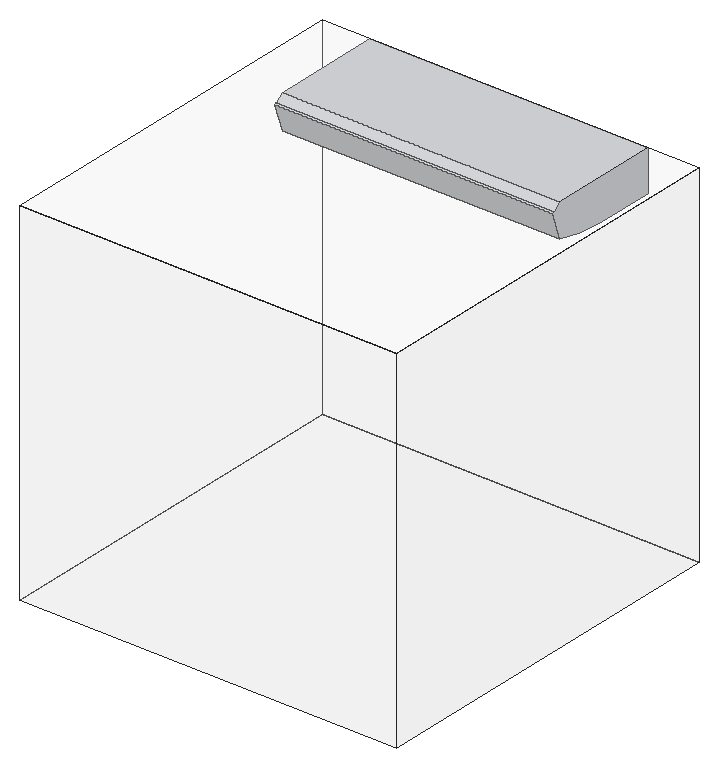
Revit family "pc-rp40_160kal21_60hz", category 機械設備, Revit 2019
Family settings
  丸型コネクタ寸法 = 直径を使用
  パーツ タイプ = 標準
  OmniClass 番号 = 23.75.10.24.21.27.27
  OmniClass タイトル = Split System Air Conditioning Units
  作業面ベース = いいえ
  常に垂直 = はい
  ロード時にボイドで切り取り = いいえ
  共有 = いいえ
  部屋計算ポイント = はい
Parameters (values of type "天吊_PC-RP160KAL21")
  風量_静 (㎥/min) = 22
  風量_弱 (㎥/min) = 25
  風量_中 (㎥/min) = 28
  風量_強 (㎥/min) = 33
  風量 = MAX風量  # 1980.0 m³/h
  音響パワーレベル_静 (dB) = 58
  音響パワーレベル_弱 (dB) = 60
  音響パワーレベル_中 (dB) = 62
  音響パワーレベル(dB) = [音響パワーレベル_強 (dB)]  # 65
  音響パワーレベル_強 (dB) = 65
  電源種別 = ""
  電源_H = 0 mm
  電圧 = 0 V
  電動機出力_送風機 = 0.16 kW
  運転質量 = 0.00 kg
  連動 = ""
  質量 = if(製品質量 > 運転質量, 製品質量, 運転質量) * 1.2  # 45.60 kg
  負荷分類 = 3_ファン類
  説明 = "店舗・事務所用パッケージエアコン(Mr.SLIM) [本体] 天吊形室内機"
  設計暖房能力 = 0.00 kW
  設計冷房能力_顕熱 = 0 kW
  設計冷房能力 = 0 kW
  設置方法 = "天井吊形"
  記号 = ""
  製造元 = "三菱電機株式会社"
  製品質量 = 38.00 kg
  製品出荷対象 = "国内"
  製品リリース年月 = ""
  製品グループ = ""
  背面_液管接続口 = 180 mm
  背面_ドレン管接続口 = 233 mm
  背面_ガス管接続口 = 200 mm
  系統 = ""
  符号 = "ACP-CR"
  積算_科目 = "1 空気調和設備"
  積算_拾い区分 [instance] = ""
  相 = 1
  盤記号 = ""
  発停方法 = "付属スイッチ"
  特殊仕様 = ""
  点検口離隔 [instance] = if(点検口離隔入力値 > 200 mm, 200 mm, if(点検口離隔入力値 < 150 mm, 150 mm, 点検口離隔入力値))  # 150 mm
  点検口離隔入力値 [instance] = 0 mm
  点検口設置範囲 = 0 mm
  点検口 = yes
  火災停止 = ""
  消費電力_暖房 = 0.16 kW
  消費電力_冷房 = 0.17 kW
  消費電力 = if(消費電力_冷房 > 消費電力_暖房, 消費電力_冷房, 消費電力_暖房)  # 0.17 kW
  法定耐用年数 = "6"
  極数 = 1
  材質 = ""
  本体マテリアル = none
  有効加湿量 = 0
  暖房能力 = 16.00 kW
  推奨ブレーカー容量 = 0 A
  形式_加湿器 = ""
  形式 = "天井吊（露出）形"
  幹線記号 = ""
  始動方式 = "直入"
  呼称 = "室内機_天井吊(露出)形"
  周波数 = 60 Hz
  吊り位置Y = 320 mm
  吊り位置X = 1557 mm
  吊りボルト_H = 50 mm
  台数_手元リモコン = ""
  台数_冷媒分岐ユニット = ""
  参照している仕様書等のバージョン = "公共建築物標準仕様書（機械設備工事編）平成31年度版"
  加湿給水管径 = 0 mm
  分類コード = "5.0053E+13"
  分類グループ = ""
  冷房能力 = 14 kW
  冷媒高低圧ガス管径 = 0 mm
  冷媒管径符号 = "Bd"
  冷媒管径 = 100 mm
  冷媒液管高さ = 126 mm
  冷媒液管径 = 9.52 mm
  冷媒ガス管高さ = 126 mm
  冷媒ガス管径 = 15.88 mm
  価格 = 0
  企業コード = "108420"
  付属品_フィルター = ""
  付属品 = ""
  仕様書バージョン = "Version1.0"
  モデル = "PC-RP160KAL21"
  パネルマテリアル = none
  ドレン管高さ = 190 mm
  ドレン管径 (外径) = 26 mm
  ドレン管径 = 20 mm
  サービススペース = yes
  コメント [instance] = ""
  ケーブル種類1 = ""
  ケーブルサイズ1 = 0 mm
  【値が 0 の項目は組合せ形名にてご確認ください】 = ""
  Width = 1600 mm
  Version = ""
  Uniclass2015Version = "Systems v1.9"
  Uniclass2015Title = "Split coil remote air cooled condensing units"
  Uniclass2015Code = "Pr_70_65_03_84"
  URL = "https://www.mitsubishielectric.co.jp/ldg/wink/ssl/top.do"
  SpecificationReference = ""
  SpecificationDescription = ""
  Revision = ""
  ProductInformation = ""
  OmniClassCode = "23-33 17 13 11"
  MIN風量 = [風量_静 (㎥/min)] * 60.0 m³/h  # 1320.0 m³/h
  MID風量2 = [風量_弱 (㎥/min)] * 60.0 m³/h  # 1500.0 m³/h
  MID風量 = [風量_中 (㎥/min)] * 60.0 m³/h  # 1680.0 m³/h
  MAX風量 = [風量_強 (㎥/min)] * 60.0 m³/h  # 1980.0 m³/h
  IfcTypeProduct = ""
  IfcProduct = ""
  IfcExportType = "AIRCONDITIONINGUNIT"
  IfcExportAs = "IfcUnitaryEquipmentType"
  Height_本体 = 230 mm
  Height = Height_本体 + 6 mm  # 236 mm
  Depth = 680 mm
  Clearance Top = 1 mm
  Clearance Right = 300 mm
  Clearance Left = 270 mm
  Clearance Front = 1500 mm
  Clearance Bottom = 1800 mm
  Clearance Back = 0 mm
  Author = "三菱電機株式会社"
Types (20, lengths in mm): name | 風量_静 (㎥/min) | 風量_弱 (㎥/min) | 風量_中 (㎥/min) | 風量_強 (㎥/min) | 風量 | 音響パワーレベル_静 (dB) | 音響パワーレベル_弱 (dB) | 音響パワーレベル_中 (dB) | 音響パワーレベル(dB) | 音響パワーレベル_強 (dB) | 電動機出力_送風機 | 質量 | 製品質量 | 製品リリース年月 | 背面_液管接続口 | 背面_ガス管接続口 | 消費電力_暖房 | 消費電力_冷房 | 消費電力 | 暖房能力 | 吊り位置X | 冷房能力 | 冷媒管径符号 | 冷媒液管径 | 冷媒ガス管径 | モデル | Width | MIN風量 | MID風量2 | MID風量 | MAX風量
  天吊_PC-RP45KAL21 | 9 | 10 | 11 | 13 | 780.0 m³/h | 48 | 50 | 53 | 55 | 55 | 0.09 kW | 28.80 kg | 24.00 kg | "" | 184 | 203 | 0.04 kW | 0.05 kW | 0.05 kW | 4.50 kW | 917 | 4 kW | "Ac" | 6.35 | 12.7 | "PC-RP45KAL21" | 960 | 540.0 m³/h | 600.0 m³/h | 660.0 m³/h | 780.0 m³/h
  天吊_PC-RP56KAL21 | 10 | 11 | 12 | 13 | 780.0 m³/h | 48 | 50 | 53 | 55 | 55 | 0.09 kW | 30.00 kg | 25.00 kg | "" | 184 | 203 | 0.05 kW | 0.06 kW | 0.06 kW | 5.60 kW | 917 | 5 kW | "Ac" | 6.35 | 12.7 | "PC-RP56KAL21" | 960 | 600.0 m³/h | 660.0 m³/h | 720.0 m³/h | 780.0 m³/h
  天吊_PC-RP71KAL21 | 13 | 16 | 18 | 20 | 1200.0 m³/h | 50 | 53 | 55 | 57 | 57 | 0.095 kW | 38.40 kg | 32.00 kg | "" | 180 | 200 | 0.09 kW | 0.10 kW | 0.10 kW | 7.10 kW | 1237 | 6.3 kW | "Bd" | 9.52 | 15.88 | "PC-RP71KAL21" | 1280 | 780.0 m³/h | 960.0 m³/h | 1080.0 m³/h | 1200.0 m³/h
  天吊_PC-RP80KAL21 | 13 | 16 | 18 | 20 | 1200.0 m³/h | 50 | 53 | 55 | 57 | 57 | 0.095 kW | 38.40 kg | 32.00 kg | "" | 180 | 200 | 0.09 kW | 0.10 kW | 0.10 kW | 8.00 kW | 1237 | 7.1 kW | "Bd" | 9.52 | 15.88 | "PC-RP80KAL21" | 1280 | 780.0 m³/h | 960.0 m³/h | 1080.0 m³/h | 1200.0 m³/h
  天吊_PC-RP112KAL21 | 20 | 22 | 26 | 29 | 1740.0 m³/h | 54 | 56 | 59 | 62 | 62 | 0.16 kW | 45.60 kg | 38.00 kg | "" | 180 | 200 | 0.11 kW | 0.12 kW | 0.12 kW | 11.20 kW | 1557 | 10 kW | "Bd" | 9.52 | 15.88 | "PC-RP112KAL21" | 1600 | 1200.0 m³/h | 1320.0 m³/h | 1560.0 m³/h | 1740.0 m³/h
  天吊_PC-RP140KAL21 | 21 | 24 | 27 | 31 | 1860.0 m³/h | 56 | 58 | 61 | 63 | 63 | 0.16 kW | 45.60 kg | 38.00 kg | "0" | 180 | 200 | 0.13 kW | 0.14 kW | 0.14 kW | 14.00 kW | 1557 | 12.5 kW | "Bd" | 9.52 | 15.88 | "PC-RP140KAL21" | 1600 | 1260.0 m³/h | 1440.0 m³/h | 1620.0 m³/h | 1860.0 m³/h
  天吊_PC-RP160KAL21 | 22 | 25 | 28 | 33 | 1980.0 m³/h | 58 | 60 | 62 | 65 | 65 | 0.16 kW | 45.60 kg | 38.00 kg | "" | 180 | 200 | 0.16 kW | 0.17 kW | 0.17 kW | 16.00 kW | 1557 | 14 kW | "Bd" | 9.52 | 15.88 | "PC-RP160KAL21" | 1600 | 1320.0 m³/h | 1500.0 m³/h | 1680.0 m³/h | 1980.0 m³/h
  天吊_PC-RP63KAL21 | 12 | 14 | 15 | 17 | 1020.0 m³/h | 49 | 51 | 53 | 55 | 55 | 0.095 kW | 38.40 kg | 32.00 kg | "" | 184 | 203 | 0.06 kW | 0.07 kW | 0.07 kW | 6.30 kW | 1237 | 5.6 kW | "Ac" | 6.35 | 12.7 | "PC-RP63KAL21" | 1280 | 720.0 m³/h | 840.0 m³/h | 900.0 m³/h | 1020.0 m³/h
  天吊_PC-RP40KAL21 | 9 | 10 | 11 | 13 | 780.0 m³/h | 48 | 50 | 53 | 55 | 55 | 0.09 kW | 28.80 kg | 24.00 kg | "" | 184 | 203 | 0.04 kW | 0.05 kW | 0.05 kW | 4.00 kW | 917 | 3.6 kW | "Ac" | 6.35 | 12.7 | "PC-RP40KAL21" | 960 | 540.0 m³/h | 600.0 m³/h | 660.0 m³/h | 780.0 m³/h
  天吊_PC-RP50KAL21 | 10 | 11 | 12 | 13 | 780.0 m³/h | 48 | 50 | 53 | 55 | 55 | 0.09 kW | 30.00 kg | 25.00 kg | "" | 184 | 203 | 0.05 kW | 0.06 kW | 0.06 kW | 5.00 kW | 917 | 4.5 kW | "Ac" | 6.35 | 12.7 | "PC-RP50KAL21" | 960 | 600.0 m³/h | 660.0 m³/h | 720.0 m³/h | 780.0 m³/h
  天吊_PC-RP112KA21 | 20 | 22 | 26 | 29 | 1740.0 m³/h | 54 | 56 | 59 | 62 | 62 | 0.16 kW | 45.60 kg | 38.00 kg | "" | 180 | 200 | 0.11 kW | 0.12 kW | 0.12 kW | 11.20 kW | 1557 | 10 kW | "Bd" | 9.52 | 15.88 | "PC-RP112KA21" | 1600 | 1200.0 m³/h | 1320.0 m³/h | 1560.0 m³/h | 1740.0 m³/h
  天吊_PC-RP140KA21 | 21 | 24 | 27 | 31 | 1860.0 m³/h | 56 | 58 | 61 | 63 | 63 | 0.16 kW | 45.60 kg | 38.00 kg | "" | 180 | 200 | 0.13 kW | 0.14 kW | 0.14 kW | 14.00 kW | 1557 | 12.5 kW | "Bd" | 9.52 | 15.88 | "PC-RP140KA21" | 1600 | 1260.0 m³/h | 1440.0 m³/h | 1620.0 m³/h | 1860.0 m³/h
  天吊_PC-RP160KA21 | 22 | 25 | 28 | 33 | 1980.0 m³/h | 58 | 60 | 62 | 65 | 65 | 0.16 kW | 45.60 kg | 38.00 kg | "" | 180 | 200 | 0.16 kW | 0.17 kW | 0.17 kW | 16.00 kW | 1557 | 14 kW | "Bd" | 9.52 | 15.88 | "PC-RP160KA21" | 1600 | 1320.0 m³/h | 1500.0 m³/h | 1680.0 m³/h | 1980.0 m³/h
  天吊_PC-RP40KA21 | 9 | 10 | 11 | 13 | 780.0 m³/h | 48 | 50 | 53 | 55 | 55 | 0.09 kW | 28.80 kg | 24.00 kg | "" | 184 | 203 | 0.04 kW | 0.05 kW | 0.05 kW | 4.00 kW | 917 | 3.6 kW | "Ac" | 6.35 | 12.7 | "PC-RP40KA21" | 960 | 540.0 m³/h | 600.0 m³/h | 660.0 m³/h | 780.0 m³/h
  天吊_PC-RP45KA21 | 9 | 10 | 11 | 13 | 780.0 m³/h | 48 | 50 | 53 | 55 | 55 | 0.09 kW | 28.80 kg | 24.00 kg | "" | 184 | 203 | 0.04 kW | 0.05 kW | 0.05 kW | 4.50 kW | 917 | 4 kW | "Ac" | 6.35 | 12.7 | "PC-RP45KA21" | 960 | 540.0 m³/h | 600.0 m³/h | 660.0 m³/h | 780.0 m³/h
  天吊_PC-RP50KA21 | 10 | 11 | 12 | 13 | 780.0 m³/h | 48 | 50 | 53 | 55 | 55 | 0.09 kW | 30.00 kg | 25.00 kg | "" | 184 | 203 | 0.05 kW | 0.06 kW | 0.06 kW | 5.00 kW | 917 | 4.5 kW | "Ac" | 6.35 | 12.7 | "PC-RP50KA21" | 960 | 600.0 m³/h | 660.0 m³/h | 720.0 m³/h | 780.0 m³/h
  天吊_PC-RP56KA21 | 10 | 11 | 12 | 13 | 780.0 m³/h | 48 | 50 | 53 | 55 | 55 | 0.09 kW | 30.00 kg | 25.00 kg | "" | 184 | 203 | 0.05 kW | 0.06 kW | 0.06 kW | 5.60 kW | 917 | 5 kW | "Ac" | 6.35 | 12.7 | "PC-RP56KA21" | 960 | 600.0 m³/h | 660.0 m³/h | 720.0 m³/h | 780.0 m³/h
  天吊_PC-RP63KA21 | 12 | 14 | 15 | 17 | 1020.0 m³/h | 49 | 51 | 53 | 55 | 55 | 0.095 kW | 38.40 kg | 32.00 kg | "" | 184 | 203 | 0.06 kW | 0.07 kW | 0.07 kW | 6.30 kW | 1237 | 5.6 kW | "Ac" | 6.35 | 12.7 | "PC-RP63KA21" | 1280 | 720.0 m³/h | 840.0 m³/h | 900.0 m³/h | 1020.0 m³/h
  天吊_PC-RP71KA21 | 13 | 16 | 18 | 20 | 1200.0 m³/h | 50 | 53 | 55 | 57 | 57 | 0.095 kW | 38.40 kg | 32.00 kg | "" | 180 | 200 | 0.09 kW | 0.10 kW | 0.10 kW | 7.10 kW | 1237 | 6.3 kW | "Bd" | 9.52 | 15.88 | "PC-RP71KA21" | 1280 | 780.0 m³/h | 960.0 m³/h | 1080.0 m³/h | 1200.0 m³/h
  天吊_PC-RP80KA21 | 13 | 16 | 18 | 20 | 1200.0 m³/h | 50 | 53 | 55 | 57 | 57 | 0.095 kW | 38.40 kg | 32.00 kg | "" | 180 | 200 | 0.09 kW | 0.10 kW | 0.10 kW | 8.00 kW | 1237 | 7.1 kW | "Bd" | 9.52 | 15.88 | "PC-RP80KA21" | 1280 | 780.0 m³/h | 960.0 m³/h | 1080.0 m³/h | 1200.0 m³/h
Reference planes
  plane 1 "中心(正面/背面)": y = 0
  plane 2: z = 0
  plane 3 "中心(左/右)": x = 0
  plane 4: z = 236
  plane 5: y = 260
  plane 6: y = -60
  plane 7: y = 340
  plane 8: y = -340
  plane 9: x = -800
  plane 10: x = 800
  plane 11: x = -1070
  plane 12: x = 1100
  plane 13 "back": y = 340
  plane 14: y = -1840
  plane 15: z = 237
  plane 16: z = -1800
  plane 17: x = 714
  plane 18: x = 629
  plane 19: z = 110
  plane 20 "液管": y = 156
  plane 21: y = 336
  plane 22 "ガス管": y = 136
  plane 23 "ドレン管": y = 103
  plane 24: x = 662
  plane 25: z = 46
  plane 26: x = -725
  plane 27: x = 671.5
Forms (mm)
  Extrusion 1, solid, detail levels fine
    sketch origin (0, 156, 0) x (0, 0, -1) y (1, 0, 0)
      loop
        circle (-110, 629) r 3.175
    from 0 to 100
  Extrusion 2, solid, detail levels fine
    sketch origin (0, 136, 0) x (0, 0, -1) y (1, 0, 0)
      loop
        circle (-110, 714) r 6.35
    from 0 to 100
  Extrusion 3, solid, detail levels fine
    sketch origin (0, 103, 0) x (0, 0, -1) y (1, 0, 0)
      loop
        circle (-46, 662) r 13
    from 0 to 100
  Extrusion 4, solid, detail levels fine
    sketch origin (0, 103, 0) x (0, 0, -1) y (1, 0, 0)
      loop
        circle (-46, -725) r 13
    from 0 to 100
  Extrusion 5, solid, detail levels fine
    sketch origin (0, 136, 0) x (0, 0, -1) y (1, 0, 0)
      loop
        circle (-110, 671.5) r 50
    from 0 to 120
Dimensions and locks
  "吊り位置Y": plane 6 to plane 5
  equal spacing: plane 8, plane 1 "中心(正面/背面)", plane 7
  "Depth": plane 8 to plane 7
  equal spacing: plane 9, plane 3 "中心(左/右)", plane 10
  "Width": plane 9 to plane 10
  "Clearance Back": plane 7 to plane 13 "back"
  "Clearance Front": plane 14 to plane 8
  "Clearance Right": plane 10 to plane 12
  "Clearance Left": plane 11 to plane 9
  "Height": plane 4 to level
  locked: plane 5 to plane 7 at 80
  "Clearance Bottom": level to plane 16
  "Clearance Top": plane 15 to plane 4
  plane 10 to plane 9 = 1600 mm
  "背面_液管接続口": plane 20 "液管" to plane 21
  "背面_ガス管接続口": plane 22 "ガス管" to plane 21
  "背面_ドレン管接続口": plane 23 "ドレン管" to plane 21
  "冷媒ガス管高さ": plane 4 to plane 19
  "ドレン管高さ": plane 4 to plane 25
  plane 17 to plane 27 to plane 18 = 42.5 mm, 42.5 mm
  locked: plane 10 to plane 17 at 86
  locked: plane 17 to plane 18 at 85
  locked: plane 10 to plane 24 at 138
  locked: plane 26 to plane 9 at 75
  diameter of Extrusion 2 = 12.7 mm
  diameter of Extrusion 1 = 6.35 mm
  "ドレン管径 (外径)": diameter of Extrusion 3
  "ドレン管径 (外径)": diameter of Extrusion 4
  aligned and locked: level to plane 2
  aligned and locked: nested 2 to plane 5
  aligned and locked: plane 6 to nested 2
  aligned and locked: nested 1 to plane 11
  aligned and locked: nested 1 to plane 12
  aligned and locked: plane 14 to nested 1
  aligned and locked: plane 13 "back" to nested 1
  aligned and locked: plane 15 to nested 1
  aligned and locked: plane 1 "中心(正面/背面)" to nested 3
  aligned and locked: plane 3 "中心(左/右)" to nested 3
  aligned and locked: plane 16 to nested 1
  aligned and locked: Extrusion 1 to plane 20 "液管"
  aligned and locked: Extrusion 2 to plane 22 "ガス管"
  aligned and locked: Extrusion 3 to plane 23 "ドレン管"
  aligned and locked: Extrusion 4 to plane 23 "ドレン管"
Automatic sketch dimensions
  Extrusion 1 sketch curve to plane 18 = 0 mm
  Extrusion 1 sketch curve to plane 19 = 0 mm
  Extrusion 2 sketch curve to plane 17 = 0 mm
  Extrusion 2 sketch curve to plane 19 = 0 mm
  Extrusion 3 sketch curve to plane 24 = 0 mm
  Extrusion 3 sketch curve to plane 25 = 0 mm
  Extrusion 4 sketch curve to plane 25 = 0 mm
  Extrusion 4 sketch curve to plane 26 = 0 mm
  Extrusion 5 sketch curve to plane 19 = 0 mm
  Extrusion 5 sketch curve to plane 27 = 0 mm
  radius of Extrusion 1 sketch curve = 3.175 mm
  radius of Extrusion 2 sketch curve = 6.35 mm
  radius of Extrusion 3 sketch curve = 13 mm
  radius of Extrusion 4 sketch curve = 13 mm
  radius of Extrusion 5 sketch curve = 50 mm
Nested families
  nested 1: "サービススペース" at (15, -750, -781.5), visible <- "サービススペース", type "サービススペース"
    with Width 2170 mm, Height 2037 mm, Depth 2180 mm
  nested 2: "固定点" at (-458.5, -60, 0), type "固定点"
    with W 917 mm, D 320 mm
  nested 3: "PC-RP_KA_L" at (0, 0, 0), type "PC-RP_KA_L", detail levels fine
    with 冷媒配管サイズ 9.52 mm, 吊りボルト-W 1557 mm, ガス配管サイズ 15.88 mm, 幅さ 1600 mm
Connectors
  electrical at (516, 339, 206), driven by "極数", driven by "負荷分類", driven by "電圧", driven by "消費電力"
    settings: on nested 3, index 1, voltage 0 V, apparent load 170 VA, apparent load phase1 0 VA, apparent load phase2 0 VA, apparent load phase3 0 VA, power factor 1, load classification "3_ファン類", number of poles 1, system type 30, power factor state 1, is connector primary yes, connector utility no, sub classification motor no, connector description ""
  piping at (671.5, 136, 110), diameter 100, driven by "冷媒管径"
    settings: on Extrusion 5, index 2, connector inside diameter 609.6 mm, connector length 0 mm, flow factor 0, pipe flow 0.0 L/s, pressure drop 0.0 Pa, fitting loss kfactor 0, connector angle 0.00°, fixture units 0, engagement length 0 mm, angle of deflection 0.00°, flow configuration 1, flow direction 1, fitting loss method 4, system type 7, joint type 0, gender type 0, connector reference index -1, connector utility 0, adjustable connector no, is connector primary yes, connector description "冷媒管"
  piping at (662, 103, 46), diameter 20, driven by "ドレン管径"
    settings: on Extrusion 3, index 3, connector inside diameter 609.6 mm, connector length 0 mm, flow factor 0, pipe flow 0.0 L/s, pressure drop 0.0 Pa, fitting loss kfactor 0, connector angle 0.00°, fixture units 0, engagement length 0 mm, angle of deflection 0.00°, flow configuration 1, flow direction 2, fitting loss method 0, system type 16, joint type 0, gender type 0, connector reference index -1, connector utility 0, adjustable connector no, is connector primary no, connector description "ドレン管1"
  piping at (-725, 103, 46), diameter 20, driven by "ドレン管径"
    settings: on Extrusion 4, index 4, connector inside diameter 609.6 mm, connector length 0 mm, flow factor 0, pipe flow 0.0 L/s, pressure drop 0.0 Pa, fitting loss kfactor 0, connector angle 0.00°, fixture units 0, engagement length 0 mm, angle of deflection 0.00°, flow configuration 1, flow direction 2, fitting loss method 0, system type 16, joint type 0, gender type 0, connector reference index -1, connector utility 0, adjustable connector no, is connector primary no, connector description "ドレン管2"
Definition of nested family "サービススペース"
  Parameters (values of type "サービススペース")
    Width [instance] = 500 mm
    Height [instance] = 500 mm
    Depth [instance] = 500 mm
  Reference planes
    plane 1 "中心(正面/背面)": y = 0
    plane 2: z = 0
    plane 3 "中心(左/右)": x = 0
    plane 4: y = -250
    plane 5: x = 250
    plane 6: y = 250
    plane 7: x = -250
    plane 8: z = 250
    plane 9: z = -250
  Forms (mm)
    Extrusion 1, solid
      sketch origin (-638.939, 0, 72.39) x (1, 0, 0) y (0, 1, 0)
        loop
          line (388.939, 250) -> (388.939, -250) -> (888.939, -250) -> (888.939, 250) -> (388.939, 250)
      from -322.39 to 177.61
  Lines and regions (mm)
    symbolic lines
      curve 1: line (-250, 0, 250) -> (250, 0, 250)
      curve 2: line (-250, 0, -250) -> (-250, 0, 250)
      curve 3: line (250, 0, -250) -> (-250, 0, -250)
      curve 4: line (250, 0, 250) -> (250, 0, -250)
      curve 5: line (0, -250, 250) -> (0, 250, 250)
      curve 6: line (0, -250, -250) -> (0, -250, 250)
      curve 7: line (0, 250, -250) -> (0, -250, -250)
      curve 8: line (0, 250, 250) -> (0, 250, -250)
      curve 9: line (-250, 250, 0) -> (250, 250, 0)
      curve 10: line (-250, -250, 0) -> (-250, 250, 0)
      curve 11: line (250, -250, 0) -> (-250, -250, 0)
      curve 12: line (250, 250, 0) -> (250, -250, 0)
  Dimensions and locks
    equal spacing: plane 7, plane 3 "中心(左/右)", plane 5
    equal spacing: plane 4, plane 1 "中心(正面/背面)", plane 6
    "Depth": plane 4 to plane 6
    "Width": plane 7 to plane 5
    equal spacing: plane 8, plane 2, plane 9
    "Height": plane 8 to plane 9
    aligned and locked: plane 9 to curve 3
    aligned and locked: plane 7 to curve 2
    aligned and locked: curve 4 to plane 5
    aligned and locked: plane 5 to Extrusion 1
    aligned and locked: Extrusion 1 to plane 7
    aligned and locked: Extrusion 1 to plane 9
    aligned and locked: plane 8 to Extrusion 1
    aligned and locked: plane 9 to curve 7
  Automatic sketch dimensions
    plane 4 to Extrusion 1 sketch curve = 0 mm
    Extrusion 1 sketch curve to plane 7 = 0 mm
    Extrusion 1 sketch curve to plane 5 = 0 mm
    plane 6 to Extrusion 1 sketch curve = 0 mm
    curve 2 to plane 8 = 0 mm
    plane 4 to curve 11 = 0 mm
    curve 11 to plane 7 = 0 mm
    curve 11 to plane 5 = 0 mm
    plane 6 to curve 10 = 0 mm
    curve 7 to plane 4 = 0 mm
    curve 7 to plane 6 = 0 mm
    curve 6 to plane 8 = 0 mm
Definition of nested family "PC-RP_KA_L"
  Parameters (values of type "PCFY-P-KMG")
    配線取出口サイズ = 22 mm
    配線取出口-Z = 0 mm
    配線取出口-Y = 0 mm
    配線取出口-X = 0 mm
    液配管サイズ = 100 mm
    高さ = 236 mm
    奥行き = 680 mm
    吊りボルト_H = 50 mm
    冷媒配管サイズ = 6.35 mm
    冷媒液管径-Z = 0 mm
    冷媒液管径-Y = 0 mm
    冷媒液管径-X = 0 mm
    冷媒ガス管径-Z = 0 mm
    冷媒ガス管径-Y = 0 mm
    冷媒ガス管径-X = 0 mm
    吊りボルト-W = 917 mm
    マテリアル = none
    ドレン配管サイズ = 26 mm
    ドレン管径-Z = 0 mm
    ドレン管径-Y = 0 mm
    ドレン管径-X = 0 mm
    ガス配管サイズ = 12.7 mm
    吊りボルト-D = 320 mm
    幅さ = 960 mm
  Reference planes
    plane 1 "中心(正面/背面)": y = 0
    plane 2: z = 0
    plane 3 "中心(左/右)": x = 0
    plane 4: z = 236
    plane 5: x = -480
    plane 6: x = 480
    plane 7: y = 340
    plane 8: y = -340
    plane 9: y = -289
    plane 10: y = -330
    plane 11: y = -335
    plane 12: z = 84
    plane 13: z = 172
    plane 14: z = 195
    plane 15: z = 200
    plane 16: z = 40
    plane 17: x = -426.5
    plane 18: x = 426.5
    plane 19: y = -136
    plane 20: y = -193
    plane 21: y = 86
    plane 22: z = 110
    plane 23: x = -469
    plane 24: y = 156
    plane 25: y = 137
    plane 26: y = 94
    plane 27: x = -158
    plane 28: z = 206
    plane 29: x = 196
    plane 30: x = 158
    plane 31: y = 140
  Forms (mm)
    Extrusion 1, solid, material <- "マテリアル"
      sketch origin (480, 1296.25, 1200) x (0, 1, 0) y (0, 0, 1)
        loop
          line (-1585.25, -964) -> (-1626.25, -1000) -> (-1631.25, -1000) -> (-1636.25, -1005) -> (-1585.25, -1160)
          arc (-1585.25, -1160) -> (-1442.128, -1189.953) -> (-1296.25, -1200) r 1064.013
          line (-1296.25, -1200) -> (-956.25, -1200) -> (-956.25, -964) -> (-1585.25, -964)
      from -960 to 0
    Extrusion 2, solid, material <- "マテリアル"
      sketch origin (674, 0, 0) x (1, 0, 0) y (0, 0, 1)
        loop
          circle (-478, 206) r 11
      from -339 to -340
    Extrusion 3, solid, material <- "マテリアル"
      sketch origin (636, 0, 0) x (1, 0, 0) y (0, 0, 1)
        loop
          circle (-478, 206) r 11
      from -339 to -340
    Extrusion 4, solid, material <- "マテリアル"
      sketch origin (674, 0, -169) x (1, 0, 0) y (0, 0, 1)
        loop
          circle (-478, 206) r 11
      from -339 to -340
    Extrusion 5, solid, material <- "マテリアル"
      sketch origin (636, 0, -169) x (1, 0, 0) y (0, 0, 1)
        loop
          circle (-478, 206) r 11
      from -339 to -340
  Lines and regions (mm)
    model lines
      curve 1: line (426.5, -303.59, 84.341) -> (426.5, -332.355, 171.766)
      curve 2: line (426.5, -332.355, 171.766) -> (-426.5, -332.355, 171.766)
      curve 3: line (-426.5, -303.59, 84.341) -> (426.5, -303.59, 84.341)
      curve 4: line (-426.5, -332.355, 171.766) -> (-426.5, -303.59, 84.341)
      curve 5: line (-426.5, 310, 0) -> (-426.5, 86, 0)
      curve 6: line (426.5, 310, 0) -> (426.5, 86, 0)
      curve 7: line (426.5, 310, 0) -> (-426.5, 310, 0)
      curve 8: line (426.5, 86, 0) -> (-426.5, 86, 0)
      curve 9: line (426.5, 294, 0) -> (-426.5, 294, 0)
      curve 10: line (426.5, 278, 0) -> (-426.5, 278, 0)
      curve 11: line (426.5, 262, 0) -> (-426.5, 262, 0)
      curve 12: line (426.5, 246, 0) -> (-426.5, 246, 0)
      curve 13: line (426.5, 230, 0) -> (-426.5, 230, 0)
      curve 14: line (426.5, 214, 0) -> (-426.5, 214, 0)
      curve 15: line (426.5, 198, 0) -> (-426.5, 198, 0)
      curve 16: line (426.5, 182, 0) -> (-426.5, 182, 0)
      curve 17: line (426.5, 166, 0) -> (-426.5, 166, 0)
      curve 18: line (426.5, 150, 0) -> (-426.5, 150, 0)
      curve 19: line (426.5, 134, 0) -> (-426.5, 134, 0)
      curve 20: line (426.5, 118, 0) -> (-426.5, 118, 0)
      curve 21: line (426.5, 102, 0) -> (-426.5, 102, 0)
  Dimensions and locks
    equal spacing: plane 8, plane 1 "中心(正面/背面)", plane 7
    "奥行き": plane 8 to plane 7
    equal spacing: plane 5, plane 3 "中心(左/右)", plane 6
    "幅さ": plane 5 to plane 6
    "高さ": plane 4 to level
    locked: plane 8 to plane 11 at 5
    locked: plane 8 to plane 10 at 10
    locked: plane 8 to plane 9 at 51
    locked: plane 12 to level at 84
    locked: plane 14 to level at 195
    locked: plane 15 to level at 200
    locked: plane 16 to level at 40
    plane 17 to plane 18 = 853 mm
    locked: plane 5 to plane 17 at 53.5
    locked: plane 18 to plane 6 at 53.5
    locked: plane 13 to plane 12 at 88
    locked: plane 20 to plane 19 at 57
    locked: plane 19 to plane 7 at 476
    locked: plane 21 to plane 7 at 254
    locked: plane 4 to plane 22 at 126
    locked: plane 26 to plane 7 at 246
    locked: plane 24 to plane 7 at 184
    locked: plane 25 to plane 7 at 203
    locked: plane 5 to plane 27 at 322
    locked: plane 4 to plane 28 at 30
    plane 6 to plane 29 = 284 mm
    plane 29 to plane 30 = 38 mm
    "配線取出口サイズ": diameter of Extrusion 2 sketch curve
    "配線取出口サイズ": diameter of Extrusion 3 sketch curve
    "配線取出口サイズ": diameter of Extrusion 4 sketch curve
    "配線取出口サイズ": diameter of Extrusion 5 sketch curve
    aligned and locked: level to plane 2
    aligned and locked: Extrusion 1 sketch curve to plane 4
    aligned and locked: Extrusion 1 sketch curve to plane 7
    aligned and locked: Extrusion 1 sketch curve to level
    aligned and locked: plane 15 to Extrusion 1 sketch curve
    aligned and locked: plane 14 to Extrusion 1 sketch curve
    aligned and locked: plane 16 to Extrusion 1 sketch curve
    aligned and locked: Extrusion 1 to plane 5
    aligned and locked: plane 6 to Extrusion 1
    aligned and locked: curve 4 to plane 17
    aligned and locked: plane 18 to curve 1
    aligned and locked: curve 5 to plane 17
    aligned and locked: curve 6 to plane 18
    aligned and locked: curve 8 to plane 21
    aligned and locked: plane 28 to Extrusion 2 sketch curve
    aligned and locked: plane 7 to Extrusion 2
  Automatic sketch dimensions
    plane 7 to curve 7 = 30 mm
    curve 21 to plane 26 = 8 mm
    curve 21 to curve 20 = 16 mm
    plane 25 to curve 19 = 3 mm
    plane 24 to curve 18 = 6 mm
    curve 17 to plane 24 = 10 mm
    curve 17 to curve 16 = 16 mm
    curve 16 to curve 15 = 16 mm
    curve 15 to curve 14 = 16 mm
    curve 14 to curve 13 = 16 mm
    curve 13 to curve 12 = 16 mm
    curve 12 to curve 11 = 16 mm
    curve 11 to curve 10 = 16 mm
    curve 10 to curve 9 = 16 mm
    Extrusion 1 sketch curve to plane 8 = 0 mm
    Extrusion 1 sketch curve to plane 11 = 0 mm
    Extrusion 1 sketch curve to plane 10 = 0 mm
    Extrusion 1 sketch curve to plane 9 = 0 mm  (x2)
    Extrusion 1 sketch curve to plane 1 "中心(正面/背面)" = 0 mm
    Extrusion 1 to curve 1 = 24.459 mm
    curve 3 to Extrusion 1 = 46.68 mm
    Extrusion 1 to curve 4 = 53.5 mm
    Extrusion 1 to curve 3 = 53.5 mm
    Extrusion 2 sketch curve to plane 29 = 0 mm
    Extrusion 3 sketch curve to plane 28 = 0 mm
    Extrusion 3 sketch curve to plane 30 = 0 mm
    Extrusion 4 sketch curve to plane 29 = 0 mm
    Extrusion 4 sketch curve to plane 16 = 3 mm
    Extrusion 5 sketch curve to plane 30 = 0 mm
    Extrusion 5 sketch curve to plane 16 = 3 mm
Definition of nested family "固定点"
  Parameters (values of type "固定点")
    中心円 = 20 mm
    W [instance] = 1000 mm
    D [instance] = 1000 mm
  Reference planes
    plane 1 "中心(正面/背面)": y = 0
    plane 2: z = 0
    plane 3 "中心(左/右)": x = 0
    plane 4: x = 1000
    plane 5: y = 1000
  Lines and regions (mm)
    symbolic lines, detail levels fine
      curve 1: circle (0, 1000, 0) r 10 normal (0, 0, 1)
      curve 2: circle (0, 0, 0) r 10 normal (0, 0, 1)
      curve 3: circle (1000, 1000, 0) r 10 normal (0, 0, 1)
      curve 4: circle (1000, 0, 0) r 10 normal (0, 0, 1)
      curve 5: line (-200, 1000, 0) -> (1200, 1000, 0)
      curve 6: line (-200, 0, 0) -> (1200, 0, 0)
      curve 7: line (0, 1200, 0) -> (0, -200, 0)
      curve 8: line (1000, 1200, 0) -> (1000, -200, 0)
  Dimensions and locks
    "W": plane 3 "中心(左/右)" to plane 4
    "D": plane 1 "中心(正面/背面)" to plane 5
    "中心円": diameter of curve 1
    "中心円": diameter of curve 2
    "中心円": diameter of curve 3
    "中心円": diameter of curve 4
    aligned and locked: level to plane 2
    aligned and locked: plane 5 to curve 1
    aligned and locked: plane 3 "中心(左/右)" to curve 1
    aligned and locked: plane 3 "中心(左/右)" to curve 2
    aligned and locked: plane 1 "中心(正面/背面)" to curve 2
    aligned and locked: plane 4 to curve 3
    aligned and locked: plane 5 to curve 3
    aligned and locked: plane 1 "中心(正面/背面)" to curve 4
    aligned and locked: plane 4 to curve 4
    aligned and locked: plane 1 "中心(正面/背面)" to curve 6
    aligned and locked: curve 7 to plane 3 "中心(左/右)"
    aligned and locked: curve 8 to plane 4
  Automatic sketch dimensions
    curve 5 to plane 5 = 0 mm
    curve 6 to plane 3 "中心(左/右)" = 200 mm
    curve 5 to plane 3 "中心(左/右)" = 200 mm
    curve 4 to curve 6 = 200 mm
    curve 3 to curve 5 = 200 mm
    plane 1 "中心(正面/背面)" to curve 8 = 200 mm
    plane 1 "中心(正面/背面)" to curve 7 = 200 mm
    curve 3 to curve 8 = 200 mm
    curve 1 to curve 7 = 200 mm
